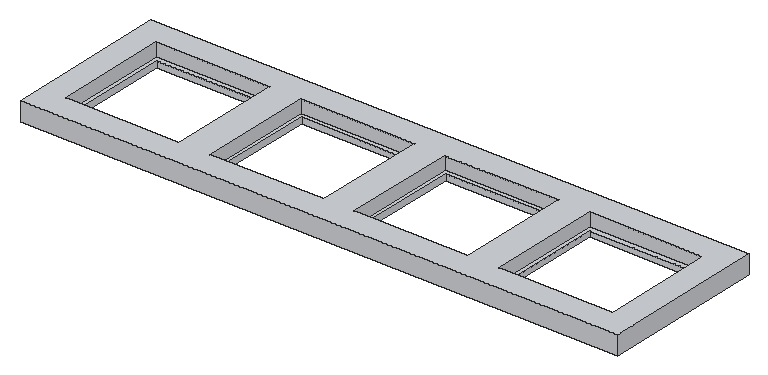
Revit family "Gira_021429", category Electrical Fixtures, host Face, Revit 2017
Family settings
  Host = Face
  Maintain Annotation Orientation = No
  Round Connector Dimension = Use Diameter
  Part Type = Normal
  Cut with Voids When Loaded = No
  Shared = No
  Room Calculation Point = No
Parameters (values of type "Abdeckrahmen 4f Gira E2 Reinweiß")
  Werkstoffgüte = "Thermoplast"
  Werkstoff = "Kunststoff"
  URL = "http://katalog.gira.de/de_DE/datenblatt.html?artikelnr=021429"
  Transparent = "No"
  Textfeld/Beschriftungsfläche = "No"
  Schutzart (IP) = "IP20"
  Region = "DE"
  RAL-Nummer (ähnlich) = "9010 "
  Oberfläche = "sonstige"
  Name = "Abdeckrahmen 4f Gira E2 Reinweiß"
  Montagerichtung = "horizontal und vertikal"
  Mit Montagerahmen = "No"
  Mit Klappdeckel = "No"
  Manufacturer URL = "https://www.gira.de/"
  Keynote = "E2_Rahmen_4fach"
  HeinzeBIM = "https://bimportal.heinze.de/bim/abdeckrahmen-4f-gira-e2-reinweiss/708f3157e26045cee8a255f87d4bed7d36a42b1f"
  Halogenfrei = "Yes"
  HAN = "021429"
  Geeignet für Unterputz-Installation = "Yes"
  Geeignet für Unterflurkanaldose = "No"
  Geeignet für Geräteeinbaukanal = "No"
  Geeignet für Einbauinstallation = "No"
  GTIN = "4010337214298"
  Farbe = "weiß"
  Default Elevation = 1219.2 mm
  Data sheet (1) = "https://katalog.gira.de/de_DE/download.html?artikelnr=021429"
  Category = "Abdeckrahmen"
  Befestigungsart = "Klemmbefestigung"
  Available = "Yes"
  Ausführung der Oberfläche = "glänzend"
  Anzahl der Einheiten vertikal = "4 "
  Anzahl der Einheiten horizontal = "4 "
  Anzahl der Einheiten = "4 "
Reference planes
  plane 1 "Center (Front/Back)": y = 0
  plane 2: z = 0
  plane 3 "Center (Left/Right)": x = 0
Forms (mm)
  Extrusion 1, solid, detail levels fine
    sketch origin (0, 0, 0) x (1, 0, 0) y (0, 1, 0)
      loop
        line (147.35, 40.4) -> (-147.35, 40.4) -> (-147.35, -40.4) -> (147.35, -40.4) -> (147.35, 40.4)
      loop
        line (78.898, 28.052) -> (78.898, -28.052) -> (135.002, -28.052) -> (135.002, 28.052) -> (78.898, 28.052)
      loop
        line (7.598, 28.052) -> (7.598, -28.052) -> (63.702, -28.052) -> (63.702, 28.052) -> (7.598, 28.052)
      loop
        line (-63.702, 28.052) -> (-63.702, -28.052) -> (-7.598, -28.052) -> (-7.598, 28.052) -> (-63.702, 28.052)
      loop
        line (-135.002, 28.052) -> (-135.002, -28.052) -> (-78.898, -28.052) -> (-78.898, 28.052) -> (-135.002, 28.052)
    from 0 to 9.3
  Extrusion 2, solid, detail levels fine
    sketch origin (-106.85, 0, 0) x (1, 0, 0) y (0, 1, 0)
      loop
        line (-28.152, -28.152) -> (28.152, -28.152) -> (28.152, 28.152) -> (-28.152, 28.152) -> (-28.152, -28.152)
      loop
        line (25.9, -25.7) -> (25.9, 25.7) -> (-25.9, 25.7) -> (-25.9, -25.7) -> (25.9, -25.7)
    from 0 to 3
  Extrusion 3, solid, detail levels coarse+medium
    sketch origin (0, 0, 0) x (1, 0, 0) y (0, 1, 0)
      loop
        line (147.35, 40.4) -> (-147.35, 40.4) -> (-147.35, -40.4) -> (147.35, -40.4) -> (147.35, 40.4)
    from 0 to 9.3
  Extrusion 4, solid, detail levels fine
    sketch origin (-35.55, -0.047, 0) x (1, 0, 0) y (0, 1, 0)
      loop
        line (-28.152, -28.106) -> (28.152, -28.106) -> (28.152, 28.199) -> (-28.152, 28.199) -> (-28.152, -28.106)
      loop
        line (25.9, -25.653) -> (25.9, 25.747) -> (-25.9, 25.747) -> (-25.9, -25.653) -> (25.9, -25.653)
    from 0 to 3
  Extrusion 5, solid, detail levels fine
    sketch origin (106.85, -0.047, 0) x (1, 0, 0) y (0, 1, 0)
      loop
        line (-27.952, -28.006) -> (28.152, -28.006) -> (28.152, 28.099) -> (-27.952, 28.099) -> (-27.952, -28.006)
      loop
        line (26, -25.653) -> (26, 25.747) -> (-25.9, 25.747) -> (-25.9, -25.653) -> (26, -25.653)
    from 0 to 3
  Extrusion 6, solid, detail levels fine
    sketch origin (35.55, -0.047, 0) x (1, 0, 0) y (0, 1, 0)
      loop
        line (-27.952, -28.006) -> (28.152, -28.006) -> (28.152, 28.099) -> (-27.952, 28.099) -> (-27.952, -28.006)
      loop
        line (26, -25.653) -> (26, 25.747) -> (-25.9, 25.747) -> (-25.9, -25.653) -> (26, -25.653)
    from 0 to 3
Dimensions and locks
  aligned and locked: plane 2 to host face
  aligned and locked: level to host face
